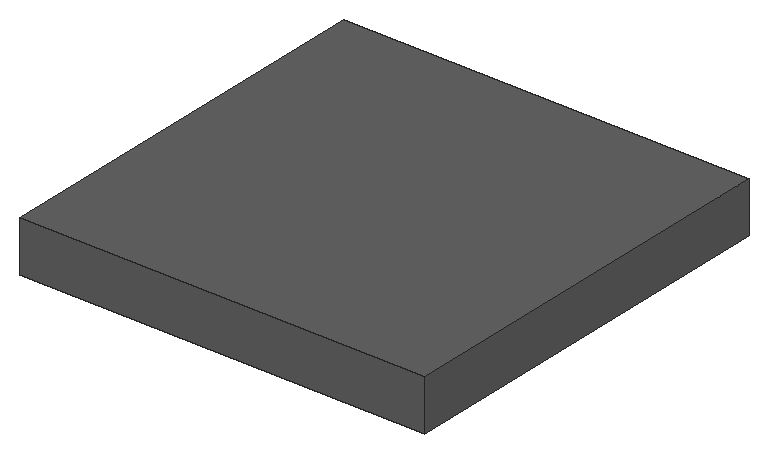
Revit family "QSS+_Нагревательный элемент для воронок", category Оборудование, Revit 2019
Family settings
  Размер круглого соединителя = Использовать диаметр
  Классификация = Нет
  Тип детали = Нормальный
  На основе рабочей плоскости = Нет
  Всегда вертикально = Да
  При загрузке вырезать с полостями = Нет
  Общий = Нет
  Точка расчета площади = Нет
Parameters (values of type "QSS+")
  Материал_Корпус = Пластик
  URL = "www.agpipe.ru"
  ADSK_Примечание = ""
  ADSK_Позиция [instance] = ""
  ADSK_Обозначение = ""
  ADSK_Наименование [instance] = "Нагревательный элемент для воронок"  # constant formula
  ADSK_Масса_Текст [instance] = ""
  ADSK_Код изделия [instance] = "QSS-NGE-230"  # constant formula
  ADSK_Завод-изготовитель = "Agpipe"  # constant formula
Reference planes
  plane 1 "По центру (Вперед/Назад)": y = 0
  plane 2: z = 0
  plane 3 "По центру (Влево/Вправо)": x = 0
  plane 4: z = 20
  plane 5: z = -20
  plane 6: z = -13.5
  plane 7: z = 3.25
Forms (mm)
  Extrusion 1, solid, material "Пластик" <- "Материал_Корпус", detail levels fine
    sketch origin (0, 0, 0) x (1, 0, 0) y (0, 1, 0)
      loop
        line (-10, 10) -> (-10, -10) -> (10, -10) -> (10, 10) -> (-10, 10)
    from 0 to 2.522
Dimensions and locks
  equal spacing: plane 4, level, plane 5
  plane 4 to plane 5 = 40 mm
  equal spacing: plane 4, plane 7, plane 6
  plane 4 to plane 6 = 33.5 mm
  aligned and locked: level to plane 2
Automatic sketch dimensions
  Extrusion 1 sketch curve to plane 3 "По центру (Влево/Вправо)" = 10 mm
  Extrusion 1 sketch curve to Extrusion 1 sketch curve = 20 mm  (x2)
  plane 1 "По центру (Вперед/Назад)" to Extrusion 1 sketch curve = 10 mm
